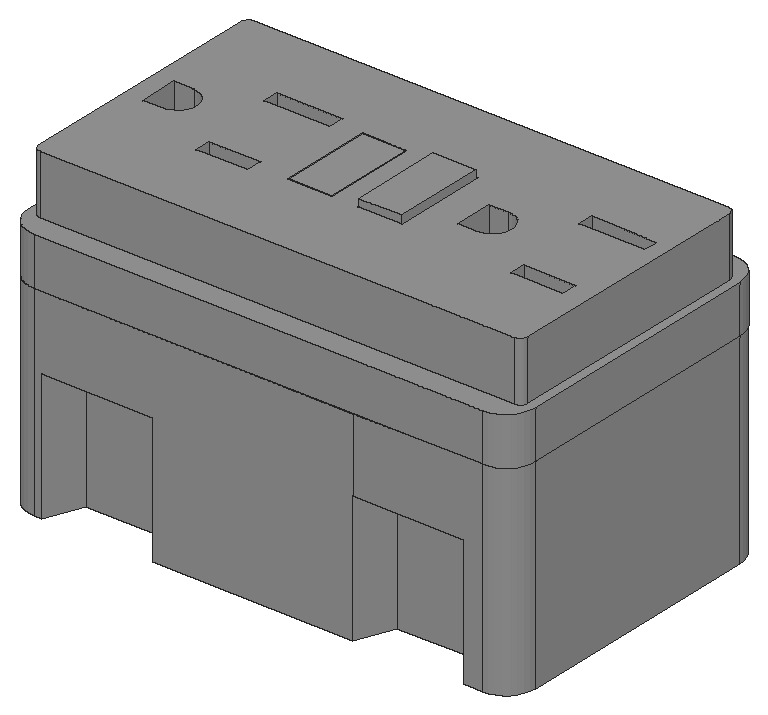
Revit family "TOMACORRIENTES GFCI", category Electrical Fixtures, Revit 2023
Family settings
  Round Connector Dimension = Use Diameter
  Part Type = Normal
  Work Plane-Based = Yes
  Always vertical = No
  Cut with Voids When Loaded = No
  Maintain Annotation Orientation = No
  Shared = Yes
  Room Calculation Point = No
Parameters
  x = 10 mm
  Y = 5 mm
  X4 = 2 mm
  X3 = 27 mm
  X2 = 15 mm
  X1 = 5 mm
  SEP TIERRAS = 42.5 mm
  SEP TEST = 3.5 mm
  SEP RANURAS = 10.5 mm
  SEP BORDE = 2.5 mm
  SEP = 14.5 mm
  RADIO_2 = 4 mm
  RADIO_1 = 1 mm
  OFFSET = 1 mm
  MATERIAL_3 [instance] = TERMOPOLIMERO ROJO
  MATERIAL_2 [instance] = TERMOPOLIMERO NEGRO
  MATERIAL_1 [instance] = TERMOPOLIMERO BLANCO
  LONGITUD RECEPTACULO = 66 mm
  LARGO TIERRA = 2.6 mm
  LARGO POSITIVO = 9 mm
  LARGO NEGATIVO = 7 mm
  LARGO CONECTOR = 63 mm
  LARGO BASE = 68.5 mm
  INCLUIR EN LISTADO = no
  H4 = 1.2 mm
  H3 = 1 mm
  H2 = 3 mm
  H1 = 4 mm
  ESPESOR CONECTOR = 27.5 mm
  ESPESOR BASE = 6.5 mm
  ESPESOR = 8 mm
  E1 = 3 mm
  Default Elevation = 1219.2 mm
  BORDE TEST = 25 mm
  ANCHO TIERRA = 5.3 mm
  ANCHO TEST = 6 mm
  ANCHO RANURA = 2.2 mm
  ANCHO CONECTOR = 30 mm
  ANCHO BASE = 42.5 mm
  ANCHO RECEPTACULO = 36 mm
  A3 = 2 mm
  A2 = 8.243 mm
  A1 = 31 mm
Reference planes
  plane 1 "Center (Front/Back)": y = 0
  plane 2: z = 0
  plane 3 "Center (Left/Right)": x = 0
  plane 4: x = -33
  plane 5: x = 33
  plane 6: y = -18
  plane 7: y = 18
  plane 8: x = -34.25
  plane 9: x = 34.25
  plane 10: y = 21.25
  plane 11: y = -21.25
  plane 12: y = 15
  plane 13: y = -15
  plane 14: y = 2.65
  plane 15: y = -2.65
  plane 16: x = -30.5
  plane 17: x = -27.9
  plane 18: x = -16
  plane 19: x = -11.5
  plane 20: x = -20.5
  plane 21: y = 7.45
  plane 22: y = 5.25
  plane 23: y = -5.25
  plane 24: y = -7.45
  plane 25: x = -19.5
  plane 26: x = -12.5
  plane 27: x = 12
  plane 28: x = 14.6
  plane 29: x = 22
  plane 30: x = 31
  plane 31: x = 23
  plane 32: x = 30
  plane 33: x = 26.5
  plane 34 "PLANO 1": z = -6.5
  plane 35: x = -31.5
  plane 36: x = 31.5
  plane 37: x = -29.25
  plane 38: x = -14.25
  plane 39: x = 12.75
  plane 40: x = 27.75
  plane 41: y = -16.25
  plane 42: y = 16.25
  plane 43 "PLANO 3": z = -34
  plane 44: z = 8
  plane 45: x = -2
  plane 46: x = -8
  plane 47: y = -6.35
  plane 48: y = 6.35
  plane 49: x = 1.5
  plane 50: x = 7.5
  plane 51: x = -27.25
  plane 52: x = -16.25
  plane 53: x = 14.75
  plane 54: x = 25.75
  plane 55: z = -16.5
  plane 56: z = 9
Forms (mm)
  Extrusion 1, solid, material "TERMOPOLIMERO BLANCO" <- "MATERIAL_1"
    sketch origin (0, 0, 0) x (1, 0, 0) y (0, 1, 0)
      loop
        arc (-30.25, 21.25) -> (-33.078, 20.078) -> (-34.25, 17.25) r 4
        line (-34.25, 17.25) -> (-34.25, -17.25)
        arc (-34.25, -17.25) -> (-33.078, -20.078) -> (-30.25, -21.25) r 4
        line (-30.25, -21.25) -> (30.25, -21.25)
        arc (30.25, -21.25) -> (33.078, -20.078) -> (34.25, -17.25) r 4
        line (34.25, -17.25) -> (34.25, 17.25)
        arc (34.25, 17.25) -> (33.078, 20.078) -> (30.25, 21.25) r 4
        line (30.25, 21.25) -> (-30.25, 21.25)
    from 0 to -6.5
  Extrusion 2, solid, material "TERMOPOLIMERO BLANCO" <- "MATERIAL_1"
    sketch origin (0, 0, 0) x (1, 0, 0) y (0, 1, 0)
      loop
        arc (-32, 18) -> (-32.707, 17.707) -> (-33, 17) r 1
        line (-33, 17) -> (-33, -17)
        arc (-33, -17) -> (-32.707, -17.707) -> (-32, -18) r 1
        line (-32, -18) -> (32, -18)
        arc (32, -18) -> (32.707, -17.707) -> (33, -17) r 1
        line (33, -17) -> (33, 17)
        arc (33, 17) -> (32.707, 17.707) -> (32, 18) r 1
        line (32, 18) -> (-32, 18)
      loop
        line (-30.5, 2.65) -> (-30.5, -2.65) -> (-27.9, -2.65)
        arc (-27.9, -2.65) -> (-25.25, 0) -> (-27.9, 2.65) r 2.65
        line (-27.9, 2.65) -> (-30.5, 2.65)
      loop
        line (-20.5, 7.45) -> (-20.5, 5.25) -> (-11.5, 5.25) -> (-11.5, 7.45) -> (-20.5, 7.45)
      loop
        line (-19.5, -5.25) -> (-19.5, -7.45) -> (-12.5, -7.45) -> (-12.5, -5.25) -> (-19.5, -5.25)
      loop
        line (12, 2.65) -> (12, -2.65) -> (14.6, -2.65)
        arc (14.6, -2.65) -> (17.25, 0) -> (14.6, 2.65) r 2.65
        line (14.6, 2.65) -> (12, 2.65)
      loop
        line (22, 7.45) -> (22, 5.25) -> (31, 5.25) -> (31, 7.45) -> (22, 7.45)
      loop
        line (23, -5.25) -> (23, -7.45) -> (30, -7.45) -> (30, -5.25) -> (23, -5.25)
      loop
        line (-8, 6.35) -> (-8, -6.35) -> (-2, -6.35) -> (-2, 6.35) -> (-8, 6.35)
      loop
        line (1.5, 6.35) -> (1.5, -6.35) -> (7.5, -6.35) -> (7.5, 6.35) -> (1.5, 6.35)
    from 0 to 8
  Extrusion 3, solid, material "TERMOPOLIMERO NEGRO" <- "MATERIAL_2"
    sketch origin (0, 0, -6.5) x (-1, 0, 0) y (0, -1, 0)
      loop
        arc (34.25, 17.25) -> (33.078, 20.078) -> (30.25, 21.25) r 4
        line (30.25, 21.25) -> (29.25, 21.25) -> (27.25, 16.25) -> (16.25, 16.25) -> (14.25, 21.25) -> (-12.75, 21.25) -> (-14.75, 16.25) -> (-25.75, 16.25) -> (-27.75, 21.25) -> (-30.25, 21.25)
        arc (-30.25, 21.25) -> (-33.078, 20.078) -> (-34.25, 17.25) r 4
        line (-34.25, 17.25) -> (-34.25, -17.25)
        arc (-34.25, -17.25) -> (-33.078, -20.078) -> (-30.25, -21.25) r 4
        line (-30.25, -21.25) -> (-27.75, -21.25) -> (-25.75, -16.25) -> (-14.75, -16.25) -> (-12.75, -21.25) -> (14.25, -21.25) -> (16.25, -16.25) -> (27.25, -16.25) -> (29.25, -21.25) -> (30.25, -21.25)
        arc (30.25, -21.25) -> (33.078, -20.078) -> (34.25, -17.25) r 4
        line (34.25, -17.25) -> (34.25, 17.25)
    from 0 to -27.5
  Extrusion 4, solid, material "TERMOPOLIMERO NEGRO" <- "MATERIAL_2"
    sketch origin (0, 0, -6.5) x (-1, 0, 0) y (0, -1, 0)
      loop
        line (29.25, -21.25) -> (27.25, -16.25) -> (16.25, -16.25) -> (14.25, -21.25) -> (29.25, -21.25)
      loop
        line (-12.75, -21.25) -> (-14.75, -16.25) -> (-25.75, -16.25) -> (-27.75, -21.25) -> (-12.75, -21.25)
      loop
        line (29.25, 21.25) -> (14.25, 21.25) -> (16.25, 16.25) -> (27.25, 16.25) -> (29.25, 21.25)
      loop
        line (-12.75, 21.25) -> (-27.75, 21.25) -> (-25.75, 16.25) -> (-14.75, 16.25) -> (-12.75, 21.25)
    from 0 to -10
  Extrusion 5, solid, material "TERMOPOLIMERO NEGRO" <- "MATERIAL_2"
    sketch origin (0, 0, 0) x (1, 0, 0) y (0, 1, 0)
      loop
        line (-7.9, 6.25) -> (-7.9, -6.25) -> (-2.1, -6.25) -> (-2.1, 6.25) -> (-7.9, 6.25)
    from 0 to 8
  Extrusion 6, solid, material "TERMOPOLIMERO ROJO" <- "MATERIAL_3"
    sketch origin (0, 0, 0) x (1, 0, 0) y (0, 1, 0)
      loop
        line (1.6, 6.25) -> (1.6, -6.25) -> (7.4, -6.25) -> (7.4, 6.25) -> (1.6, 6.25)
    from 0 to 9
Cuts and joins
  joined: Extrusion 3, Extrusion 4
Dimensions and locks
  equal spacing: plane 4, plane 3 "Center (Left/Right)", plane 5
  equal spacing: plane 7, plane 1 "Center (Front/Back)", plane 6
  "ANCHO RECEPTACULO": plane 7 to plane 6
  "LONGITUD RECEPTACULO": plane 4 to plane 5
  equal spacing: plane 10, plane 1 "Center (Front/Back)", plane 11
  equal spacing: plane 8, plane 3 "Center (Left/Right)", plane 9
  equal spacing: plane 12, plane 1 "Center (Front/Back)", plane 13
  equal spacing: plane 14, plane 1 "Center (Front/Back)", plane 15
  "SEP BORDE": plane 4 to plane 16
  "ANCHO TIERRA": plane 14 to plane 15
  "LARGO TIERRA": plane 16 to plane 17
  equal spacing: plane 20, plane 18, plane 19
  equal spacing: plane 25, plane 18, plane 26
  "LARGO POSITIVO": plane 20 to plane 19
  "LARGO NEGATIVO": plane 25 to plane 26
  equal spacing: plane 21, plane 1 "Center (Front/Back)", plane 24
  equal spacing: plane 22, plane 1 "Center (Front/Back)", plane 23
  "ANCHO RANURA": plane 21 to plane 22
  "SEP RANURAS": plane 22 to plane 23
  "SEP TIERRAS": plane 16 to plane 27
  "LARGO TIERRA": plane 27 to plane 28
  equal spacing: plane 29, plane 33, plane 30
  equal spacing: plane 31, plane 33, plane 32
  "LARGO POSITIVO": plane 29 to plane 30
  "LARGO NEGATIVO": plane 31 to plane 32
  "SEP": plane 27 to plane 33
  "SEP": plane 16 to plane 18
  "LARGO BASE": plane 8 to plane 9
  "ANCHO BASE": plane 10 to plane 11
  "ESPESOR BASE": plane 2 to plane 34 "PLANO 1"
  equal spacing: plane 35, plane 3 "Center (Left/Right)", plane 36
  "ANCHO CONECTOR": plane 12 to plane 13
  "LARGO CONECTOR": plane 35 to plane 36
  equal spacing: plane 42, plane 1 "Center (Front/Back)", plane 41
  "X2": plane 37 to plane 38
  "X2": plane 39 to plane 40
  "X3": plane 38 to plane 39
  "ESPESOR CONECTOR": plane 34 "PLANO 1" to plane 43 "PLANO 3"
  "ESPESOR": plane 44 to plane 2
  "ANCHO TEST": plane 46 to plane 45
  equal spacing: plane 48, plane 1 "Center (Front/Back)", plane 47
  equal spacing: plane 21, plane 48, plane 22
  "ANCHO TEST": plane 49 to plane 50
  "SEP TEST": plane 45 to plane 49
  "BORDE TEST": plane 4 to plane 46
  "Y": plane 10 to plane 42
  "X1": plane 8 to plane 37
  "X4": plane 37 to plane 51
  "X4": plane 52 to plane 38
  "X4": plane 39 to plane 53
  "X4": plane 54 to plane 40
  "x": plane 34 "PLANO 1" to plane 55
  "OFFSET": plane 56 to plane 44
  "RADIO_1": radius of Extrusion 2 sketch curve  (x4)
  "RADIO_2": radius of Extrusion 1 sketch curve  (x4)
  "RADIO_2": radius of Extrusion 3 sketch curve  (x4)
  aligned and locked: level to plane 2
  aligned and locked: Extrusion 1 sketch curve to plane 10
  aligned and locked: plane 8 to Extrusion 1 sketch curve
  aligned and locked: Extrusion 1 sketch curve to plane 11
  aligned and locked: Extrusion 1 sketch curve to plane 9
  aligned and locked: plane 2 to Extrusion 1
  aligned and locked: Extrusion 2 sketch curve to plane 7
  aligned and locked: plane 6 to Extrusion 2 sketch curve
  aligned and locked: Extrusion 2 sketch curve to plane 5
  aligned and locked: Extrusion 2 sketch curve to plane 14
  aligned and locked: plane 15 to Extrusion 2 sketch curve
  aligned and locked: plane 17 to Extrusion 2 sketch curve
  aligned and locked: Extrusion 2 sketch curve to plane 19
  aligned and locked: plane 20 to Extrusion 2 sketch curve
  aligned and locked: plane 21 to Extrusion 2 sketch curve  (x2)
  aligned and locked: plane 22 to Extrusion 2 sketch curve
  aligned and locked: Extrusion 2 sketch curve to plane 23
  aligned and locked: plane 24 to Extrusion 2 sketch curve
  aligned and locked: plane 26 to Extrusion 2 sketch curve
  aligned and locked: Extrusion 2 sketch curve to plane 25
  aligned and locked: plane 16 to Extrusion 2 sketch curve
  aligned and locked: Extrusion 2 sketch curve to plane 22
  aligned and locked: plane 23 to Extrusion 2 sketch curve
  aligned and locked: Extrusion 2 sketch curve to plane 24
  aligned and locked: Extrusion 2 sketch curve to plane 15
  aligned and locked: plane 14 to Extrusion 2 sketch curve
  aligned and locked: plane 27 to Extrusion 2 sketch curve
  aligned and locked: plane 28 to Extrusion 2 sketch curve
  aligned and locked: plane 31 to Extrusion 2 sketch curve
  aligned and locked: Extrusion 2 sketch curve to plane 32
  aligned and locked: plane 29 to Extrusion 2 sketch curve
  aligned and locked: Extrusion 2 sketch curve to plane 30
  aligned and locked: Extrusion 1 to plane 34 "PLANO 1"
  aligned and locked: Extrusion 3 to plane 43 "PLANO 3"
  aligned and locked: plane 34 "PLANO 1" to Extrusion 3
  aligned and locked: plane 44 to Extrusion 2
  aligned and locked: Extrusion 2 to plane 2
  aligned and locked: Extrusion 2 sketch curve to plane 45
  aligned and locked: plane 46 to Extrusion 2 sketch curve
  aligned and locked: Extrusion 2 sketch curve to plane 48
  aligned and locked: plane 47 to Extrusion 2 sketch curve
  aligned and locked: Extrusion 2 sketch curve to plane 47
  aligned and locked: plane 48 to Extrusion 2 sketch curve
  aligned and locked: Extrusion 2 sketch curve to plane 50
  aligned and locked: plane 49 to Extrusion 2 sketch curve
  aligned and locked: plane 8 to Extrusion 3 sketch curve
  aligned and locked: Extrusion 3 sketch curve to plane 9
  aligned and locked: Extrusion 3 sketch curve to plane 42  (x2)
  aligned and locked: plane 42 to Extrusion 3 sketch curve
  aligned and locked: plane 52 to Extrusion 3 sketch curve  (x2)
  aligned and locked: plane 51 to Extrusion 3 sketch curve  (x2)
  aligned and locked: plane 53 to Extrusion 3 sketch curve  (x2)
  aligned and locked: plane 54 to Extrusion 3 sketch curve  (x2)
  aligned and locked: Extrusion 3 sketch curve to plane 37
  aligned and locked: Extrusion 3 sketch curve to plane 11  (x3)
  aligned and locked: Extrusion 3 sketch curve to plane 41
  aligned and locked: Extrusion 3 sketch curve to plane 39
  aligned and locked: plane 40 to Extrusion 3 sketch curve
  aligned and locked: Extrusion 3 sketch curve to plane 38
  aligned and locked: Extrusion 3 sketch curve to plane 10  (x3)
  aligned and locked: plane 11 to Extrusion 4 sketch curve
  aligned and locked: Extrusion 4 sketch curve to plane 11
  aligned and locked: plane 10 to Extrusion 4 sketch curve  (x2)
  aligned and locked: Extrusion 4 sketch curve to Extrusion 3  (x12)
  aligned and locked: Extrusion 4 to plane 55
  aligned and locked: Extrusion 5 to plane 2
  aligned and locked: Extrusion 6 to plane 2
  aligned and locked: plane 44 to Extrusion 5
  aligned and locked: plane 56 to Extrusion 6
Automatic sketch dimensions
  Extrusion 5 sketch curve to plane 3 "Center (Left/Right)" = 7.9 mm
  Extrusion 5 sketch curve to plane 3 "Center (Left/Right)" = 2.1 mm
  plane 1 "Center (Front/Back)" to Extrusion 5 sketch curve = 6.25 mm
  Extrusion 5 sketch curve to plane 1 "Center (Front/Back)" = 6.25 mm
  plane 3 "Center (Left/Right)" to Extrusion 6 sketch curve = 1.6 mm
  Extrusion 6 sketch curve to Extrusion 6 sketch curve = 5.8 mm
  plane 1 "Center (Front/Back)" to Extrusion 6 sketch curve = 6.25 mm
  Extrusion 6 sketch curve to plane 1 "Center (Front/Back)" = 6.25 mm
  Extrusion 2 sketch curve to plane 4 = 0 mm
  Extrusion 3 sketch curve to plane 40 = 0 mm
  Extrusion 3 sketch curve to plane 39 = 0 mm
  Extrusion 3 sketch curve to plane 38 = 0 mm
  Extrusion 3 sketch curve to plane 37 = 0 mm
  Extrusion 3 sketch curve to plane 41 = 0 mm
Connectors
  electrical at (0, 0, 8)
    settings: on Extrusion 2, index 1, voltage 125 V, apparent load 0 VA, apparent load phase1 0 VA, apparent load phase2 0 VA, apparent load phase3 0 VA, power factor 1, load classification "Power", number of poles 1, system type 31, power factor state 1, is connector primary yes, connector utility no, sub classification motor no, connector description ""
